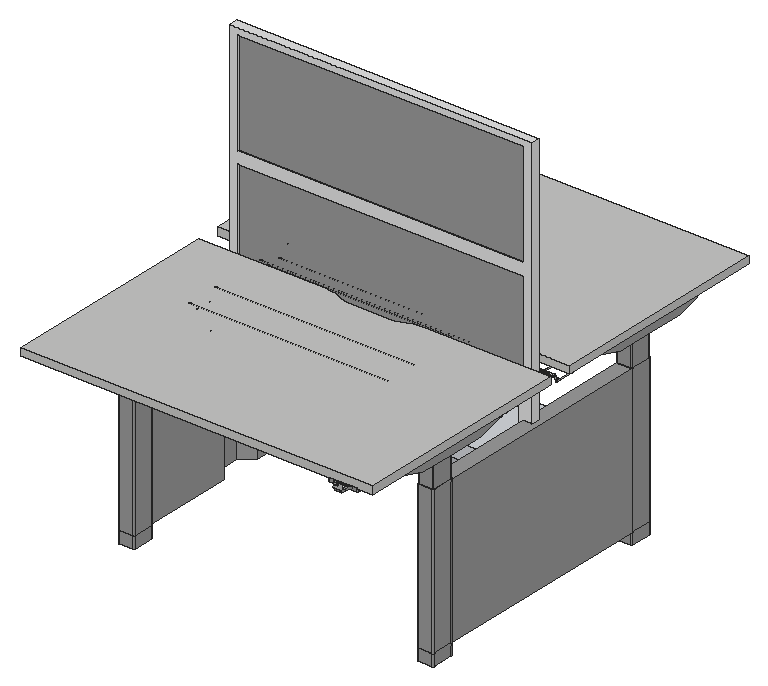
Revit family "Rise Squared Rectangular Desk", category Furniture, Revit 2020
Family settings
  OmniClass Number = 23.40.20.00
  OmniClass Title = General Furniture and Specialties
  Work Plane-Based = No
  Always vertical = Yes
  Cut with Voids When Loaded = No
  Shared = No
  Room Calculation Point = No
Parameters (values of type "1200 x 800")
  Width = 1200 mm
  URL = "www.gof.co.uk"
  Type Comments = ""
  Range = "RISE SQUARED"
  Product Code = "HBS1216"
  Part Glazed Screen [instance] = no
  HeightControl B [instance] = if(Height B < 630 mm, 630 mm, (if(Height B > 1280 mm, 1280 mm, Height B)))  # 727 mm
  HeightControl A [instance] = if(Height A < 630 mm, 630 mm, (if(Height A > 1280 mm, 1280 mm, Height A)))  # 727 mm
  Height B [instance] = 727 mm
  Height A [instance] = 727 mm
  Fabric Screen [instance] = yes
  Endframe Infill Panel Visible [instance] = yes
  Endframe Infill Panel = ""
  Desktop = Gresham - CONCRETE(1)
  Model = ""
  Manufacturer = "Gresham Office Furniture"  # constant formula
  Frame = GRESHAM - TEXTURED PLASTIC
  Foot = Gresham - BLACK PLASTIC
  Default Elevation = 0 mm
  Cable Tray Visible [instance] = yes
  Cable Tray = ""
  Assembly Code = "E2020200"
Reference planes
  plane 1 "Center (Front/Back)": y = 0
  plane 2: z = 0
  plane 3 "Center (Left/Right)": x = 0
  plane 4: x = -600
  plane 5: x = 600
  plane 6 "Desktop Underside A": z = 702
  plane 7: y = 380
  plane 8: y = -380
  plane 9 "Foot": z = 15
  plane 10 "Desktop A": z = 727
  plane 11: x = 295.86
  plane 12: x = -295.86
  plane 13 "Controls": x = 550
  plane 14: y = 460
  plane 15: y = 1220
  plane 16: x = -550
  plane 17 "Desktop B": z = 727
  plane 18 "Desktop Underside B": z = 702
Forms (mm)
  Extrusion 1, solid, material "GRESHAM - TEXTURED PLASTIC" <- "Frame"
    sketch origin (-20.86, 1142, 0) x (0, -1, 0) y (0, 0, -1)
      loop
        line (344.5, -657) -> (310, -657)
        arc (310, -657) -> (307.879, -657.879) -> (307, -660) r 3
        line (307, -660) -> (307, -667) -> (309, -667) -> (309, -660)
        arc (309, -660) -> (309.293, -659.293) -> (310, -659) r 1
        line (310, -659) -> (344.5, -659)
        arc (344.5, -659) -> (345.207, -659.293) -> (345.5, -660) r 1
        line (345.5, -660) -> (345.5, -699)
        arc (345.5, -699) -> (345.207, -699.707) -> (344.5, -700) r 1
        line (344.5, -700) -> (307, -700) -> (307, -702) -> (344.5, -702)
        arc (344.5, -702) -> (346.621, -701.121) -> (347.5, -699) r 3
        line (347.5, -699) -> (347.5, -660)
        arc (347.5, -660) -> (346.621, -657.879) -> (344.5, -657) r 3
    from -275 to 316.72
  Extrusion 2, solid, material "Gresham - CONCRETE(1)" <- "Desktop"
    sketch origin (0, 0, 975) x (-1, 0, 0) y (0, -1, 0)
      loop
        arc (-116.673, -367.5) -> (-90.732, -358.167) -> (-63.346, -355) r 120
        line (-63.346, -355) -> (63.346, -355)
        arc (63.346, -355) -> (90.732, -358.167) -> (116.673, -367.5) r 120
        arc (116.673, -367.5) -> (142.614, -376.833) -> (170, -380) r 120
        line (170, -380) -> (600, -380) -> (600, 380) -> (-600, 380) -> (-600, -380) -> (-170, -380)
        arc (-170, -380) -> (-142.614, -376.833) -> (-116.673, -367.5) r 120
    from -273 to -248
  Extrusion 3, solid, material "Gresham - CONCRETE(1)" <- "Desktop"
    sketch origin (0, 840, 702) x (1, 0, 0) y (0, 1, 0)
      loop
        arc (-116.673, -367.5) -> (-90.732, -358.167) -> (-63.346, -355) r 120
        line (-63.346, -355) -> (63.346, -355)
        arc (63.346, -355) -> (90.732, -358.167) -> (116.673, -367.5) r 120
        arc (116.673, -367.5) -> (142.614, -376.833) -> (170, -380) r 120
        line (170, -380) -> (600, -380) -> (600, 380) -> (-600, 380) -> (-600, -380) -> (-170, -380)
        arc (-170, -380) -> (-142.614, -376.833) -> (-116.673, -367.5) r 120
    from 0 to 25
  Extrusion 4, solid, material "GRESHAM - TEXTURED PLASTIC" <- "Frame"
    sketch origin (4.502, 0, -37.004) x (1, 0, 0) y (0, 0, 1)
      loop
        line (-494.514, 532.004) -> (-534.514, 532.004) -> (-534.514, 452.004) -> (-494.514, 452.004) -> (-494.514, 532.004)
    from -802 to -38
  Extrusion 5, solid, material "GRESHAM - TEXTURED PLASTIC" <- "Frame"
    sketch origin (-4.502, 0, -37.004) x (-1, 0, 0) y (0, 0, -1)
      loop
        line (-494.514, -532.004) -> (-494.514, -452.004) -> (-534.514, -452.004) -> (-534.514, -532.004) -> (-494.514, -532.004)
    from -802 to -38
  Extrusion 6, solid
    sketch origin (0, 0, 0) x (0, 1, 0) y (0, 0, 1)
      loop
        line (5, 702) -> (5, 700) -> (42.5, 700)
        arc (42.5, 700) -> (43.207, 699.707) -> (43.5, 699) r 1
        line (43.5, 699) -> (43.5, 660)
        arc (43.5, 660) -> (43.207, 659.293) -> (42.5, 659) r 1
        line (42.5, 659) -> (8, 659)
        arc (8, 659) -> (7.293, 659.293) -> (7, 660) r 1
        line (7, 660) -> (7, 667) -> (5, 667) -> (5, 660)
        arc (5, 660) -> (5.879, 657.879) -> (8, 657) r 3
        line (8, 657) -> (42.5, 657)
        arc (42.5, 657) -> (44.621, 657.879) -> (45.5, 660) r 3
        line (45.5, 660) -> (45.5, 699)
        arc (45.5, 699) -> (44.621, 701.121) -> (42.5, 702) r 3
        line (42.5, 702) -> (5, 702)
    from -295.86 to 295.86
Dimensions and locks
  equal spacing: plane 4, plane 3 "Center (Left/Right)", plane 5
  "Width": plane 4 to plane 5
  locked: plane 2 to plane 9 "Foot" at 15
  locked: plane 11 to plane 5 at 304.14
  locked: plane 4 to plane 12 at 304.14
  locked: plane 13 "Controls" to plane 5 at 50
  locked: plane 4 to nested 2 at 100
  locked: nested 2 to plane 5 at 100
  locked: plane 7 to nested 2 at 53.5
  locked: nested 3 to plane 5 at 32.489
  locked: plane 5 to nested 3 at 32.489
  locked: plane 4 to nested 4 at 32.489
  locked: nested 4 to plane 4 at 32.489
  locked: plane 7 to plane 8 at 760
  equal spacing: plane 7, plane 1 "Center (Front/Back)", plane 8
  plane 8 to plane 15 = 1600 mm
  locked: Extrusion 1 sketch curve to Extrusion 1 sketch curve at 41
  locked: nested 5 to plane 5 at 32.489
  locked: plane 5 to nested 5 at 32.489
  locked: plane 4 to nested 6 at 32.489
  locked: nested 6 to plane 4 at 32.489
  locked: plane 4 to plane 16 at 50
  Extrusion 2 sketch curve to Extrusion 2 sketch curve = 430 mm  (x2)
  locked: Extrusion 2 sketch curve to nested 2 at 25
  Extrusion 2 to nested 2 = 63.346 mm
  nested 2 to Extrusion 2 = 63.346 mm
  Extrusion 3 sketch curve to Extrusion 3 sketch curve = 430 mm  (x2)
  plane 3 "Center (Left/Right)" to Extrusion 3 = 63.346 mm
  Extrusion 3 to plane 3 "Center (Left/Right)" = 63.346 mm
  locked: Extrusion 3 sketch curve to plane 14 at 25
  locked: plane 4 to Extrusion 4 at 69.989
  locked: Extrusion 5 to plane 5 at 69.989
  locked: plane 4 to nested 8 at 100
  locked: plane 14 to nested 8 at 53.5
  locked: nested 8 to plane 5 at 100
  locked: level to Extrusion 4 at 415
  locked: level to Extrusion 5 at 415
  locked: nested 10 to plane 5 at 62.076
  locked: plane 4 to nested 11 at 62.076
  "HeightControl A": plane 10 "Desktop A" to plane 2
  "HeightControl B": plane 17 "Desktop B" to level
  locked: plane 17 "Desktop B" to plane 18 "Desktop Underside B" at 25
  locked: plane 10 "Desktop A" to plane 6 "Desktop Underside A" at 25
  locked: Extrusion 6 sketch curve to Extrusion 6 sketch curve at 41
  aligned and locked: level to plane 2
  aligned and locked: nested 1 to plane 13 "Controls"
  aligned and locked: nested 1 to plane 8
  aligned and locked: plane 12 to Extrusion 1
  aligned and locked: plane 11 to Extrusion 1
  aligned and locked: nested 7 to plane 16
  aligned and locked: plane 6 "Desktop Underside A" to nested 7
  aligned and locked: Extrusion 2 to plane 4
  aligned and locked: Extrusion 2 to plane 5
  aligned and locked: plane 10 "Desktop A" to Extrusion 3
  aligned and locked: Extrusion 3 to plane 6 "Desktop Underside A"
  aligned and locked: Extrusion 4 to nested 4
  aligned and locked: Extrusion 4 to nested 6
  aligned and locked: nested 8 to plane 6 "Desktop Underside A"
  aligned and locked: nested 2 to Extrusion 2
  aligned and locked: plane 18 "Desktop Underside B" to nested 1
  aligned and locked: Extrusion 2 to plane 17 "Desktop B"
  aligned and locked: Extrusion 2 to plane 18 "Desktop Underside B"
  aligned and locked: plane 11 to Extrusion 6
  aligned and locked: plane 12 to Extrusion 6
Automatic sketch dimensions
  Extrusion 1 sketch curve to Extrusion 1 sketch curve = 0 mm  (x7)
  Extrusion 1 sketch curve to plane 6 "Desktop Underside A" = 0 mm
  Extrusion 1 sketch curve to plane 6 "Desktop Underside A" = 35 mm
  Extrusion 1 sketch curve to plane 14 = 375 mm
  Extrusion 1 sketch curve to plane 6 "Desktop Underside A" = 2 mm
  Extrusion 1 sketch curve to Extrusion 1 sketch curve = 1 mm  (x2)
  Extrusion 1 sketch curve to Extrusion 1 sketch curve = 37.5 mm
  Extrusion 1 sketch curve to Extrusion 1 sketch curve = 34.5 mm
  Extrusion 2 sketch curve to plane 5 = 0 mm
  Extrusion 2 sketch curve to plane 7 = 0 mm  (x2)
  Extrusion 2 sketch curve to plane 4 = 0 mm
  Extrusion 2 sketch curve to plane 8 = 0 mm
  Extrusion 2 sketch curve to plane 14 = 15 mm  (x2)
  Extrusion 2 sketch curve to Extrusion 2 sketch curve = 106.654 mm  (x2)
  Extrusion 2 sketch curve to plane 7 = 120 mm  (x2)
  Extrusion 3 sketch curve to plane 4 = 0 mm
  plane 14 to Extrusion 3 sketch curve = 0 mm  (x2)
  Extrusion 3 sketch curve to plane 5 = 0 mm
  plane 15 to Extrusion 3 sketch curve = 0 mm
  Extrusion 3 sketch curve to plane 7 = 15 mm  (x2)
  Extrusion 3 sketch curve to Extrusion 3 sketch curve = 106.654 mm  (x2)
  Extrusion 3 sketch curve to Extrusion 3 sketch curve = 120 mm  (x2)
  plane 16 to Extrusion 4 sketch curve = 19.989 mm
  Extrusion 4 sketch curve to Extrusion 4 sketch curve = 40 mm
  Extrusion 4 sketch curve to plane 6 "Desktop Underside A" = 287 mm
  Extrusion 4 sketch curve to Extrusion 4 sketch curve = 80 mm
  Extrusion 5 sketch curve to plane 13 "Controls" = 19.989 mm
  Extrusion 5 sketch curve to Extrusion 5 sketch curve = 40 mm
  plane 6 "Desktop Underside A" to Extrusion 5 sketch curve = 287 mm
  Extrusion 5 sketch curve to Extrusion 5 sketch curve = 80 mm
  Extrusion 6 sketch curve to Extrusion 6 sketch curve = 0 mm  (x5)
  Extrusion 6 sketch curve to plane 18 "Desktop Underside B" = 0 mm
  Extrusion 6 sketch curve to plane 1 "Center (Front/Back)" = 5 mm  (x2)
  Extrusion 6 sketch curve to Extrusion 6 sketch curve = 2 mm  (x2)
  Extrusion 6 sketch curve to Extrusion 6 sketch curve = 1 mm  (x2)
  Extrusion 6 sketch curve to Extrusion 6 sketch curve = 34.5 mm
  Extrusion 6 sketch curve to Extrusion 6 sketch curve = 37.5 mm
  Extrusion 6 sketch curve to Extrusion 6 sketch curve = 7 mm
Nested families
  nested 1: "Controls" at (500, -347.5, 690), type "Controls"
  nested 2: "Cable Tray" at (0, -20, 0), type "Cable Tray"
    with HeightControl 727 mm, Height 727 mm, Width 1200 mm
  nested 3: "Rise Squared Leg" at (-295, -202, 0), Height <- "HeightControl B", type "Rise Squared Leg"
    with HeightControl 727 mm, Height 727 mm
  nested 4: "Rise Squared Leg" at (295, -202, 0) x (-1, 0, 0) z (0, 0, 1), Height <- "HeightControl B", type "Rise Squared Leg"
    with HeightControl 727 mm, Height 727 mm
  nested 5: "Rise Squared Leg" at (-295, 1042, 0), Height <- "HeightControl A", type "Rise Squared Leg"
    with HeightControl 727 mm, Height 727 mm
  nested 6: "Rise Squared Leg" at (295, 1042, 0) x (-1, 0, 0) z (0, 0, 1), Height <- "HeightControl A", type "Rise Squared Leg"
    with HeightControl 727 mm, Height 727 mm
  nested 7: "Controls" at (-500, 1187.5, 690) x (-1, 0, 0) z (0, 0, 1), type "Controls"
  nested 8: "Cable Tray" at (0, 860, 0), type "Cable Tray"
    with HeightControl 727 mm, Height 727 mm, Width 1200 mm
  nested 9: "Cable Trough" at (0, 0, -2), type "1800 x 800"
    with Width 1200 mm
  nested 10: "Endframe Infill Panel" at (-300, 0, 0), Endframe Infill Panel Visible <- "Endframe Infill Panel Visible", type "Endframe Infill Panel"
    with Endframe Infill Panel Visible yes
  nested 11: "Endframe Infill Panel" at (300, 0, 0) x (-1, 0, 0) z (0, 0, 1), Endframe Infill Panel Visible <- "Endframe Infill Panel Visible", type "Endframe Infill Panel"
    with Endframe Infill Panel Visible yes
  nested 12: "Fabric Screen" at (0, 0, 0), visible <- "Fabric Screen", type "Fabric Screen"
    with Width 1200 mm
  nested 13: "Part Glazed Screen" at (0, 0, 0), visible <- "Part Glazed Screen", type "Part Glazed Screen"
    with Width 1200 mm
Definition of nested family "Controls"
  Parameters (values of type "Controls")
    URL = "www.gof.co.uk"
    Rubber Keys = none
    Range = "RANGE LT"
    Product Code = "Controls"
    Plastic Case = none
    Manufacturer = "Gresham Office Furniture"  # constant formula
    Default Elevation = 0 mm
  Reference planes
    plane 1 "Center (Front/Back)": y = 0
    plane 2: z = 0
    plane 3 "Center (Left/Right)": x = 0
  Forms (mm)
    Extrusion 1, solid, material <- "Plastic Case"
      sketch origin (0, 0, 0) x (1, 0, 0) y (0, 1, 0)
        loop
          arc (-45, 32.5) -> (-48.536, 31.036) -> (-50, 27.5) r 5
          line (-50, 27.5) -> (-50, -27.5)
          arc (-50, -27.5) -> (-48.536, -31.036) -> (-45, -32.5) r 5
          line (-45, -32.5) -> (45, -32.5)
          arc (45, -32.5) -> (48.536, -31.036) -> (50, -27.5) r 5
          line (50, -27.5) -> (50, 27.5)
          arc (50, 27.5) -> (48.536, 31.036) -> (45, 32.5) r 5
          line (45, 32.5) -> (-45, 32.5)
      from 0 to 12
    Sweep 2, solid, material <- "Plastic Case"
      path origin (0, 0, 2) x (0, 1, 0) y (0, 0, 1)
        loop
          line (-32.5, 6) -> (-36.392, 6)
          arc (-36.392, 6) -> (-37.474, 5.881) -> (-38.505, 5.532) r 5
          line (-38.505, 5.532) -> (-55.626, -2.452)
      profile origin (0, -34.446, 8) x (0, 0, -1) y (1, 0, 0)
        loop
          line (-4, 30) -> (-4, -30) -> (4, -30) -> (4, 30) -> (-4, 30)
    Extrusion 3, void
      sketch origin (-30, -40.195, 11.157) x (0, -0.906308, -0.422618) y (1, 0, 0)
        loop
          line (18.892, 75) -> (-7.33, 75) -> (-7.33, 60) -> (10.178, 50.091)
          arc (10.178, 50.091) -> (14.833, 46.912) -> (18.892, 43) r 33.579
          line (18.892, 43) -> (18.892, 75)
      from -13.674 to 7.77
    Extrusion 4, void
      sketch origin (30, -40.195, 11.157) x (0, -0.906308, -0.422618) y (1, 0, 0)
        loop
          line (18.892, -75) -> (18.892, -43)
          arc (18.892, -43) -> (14.833, -46.912) -> (10.178, -50.091) r 33.579
          line (10.178, -50.091) -> (-7.33, -60) -> (-7.33, -75) -> (18.892, -75)
      from -13.674 to 7.77
    Extrusion 5, solid, material <- "Rubber Keys"
      sketch origin (-30, -40.195, 11.157) x (0, -0.906308, -0.422618) y (1, 0, 0)
        loop
          line (0.281, 19.363) -> (8.531, 14.6) -> (8.531, 24.126) -> (0.281, 19.363)
        loop
          line (0.656, 35.874) -> (8.906, 40.637) -> (0.656, 45.4) -> (0.656, 35.874)
      from 0 to 1.5
  Cuts and joins
    Extrusion 3, Extrusion 4 cuts Sweep 2
  Dimensions and locks
    aligned and locked: level to plane 2
Definition of nested family "Cable Tray"
  Parameters (values of type "Cable Tray")
    Width = 1800 mm
    URL = "www.gof.co.uk"
    Type Comments = ""
    Range = "RISE LT"
    Product Code = ""
    Modesty Panel = none
    HeightControl [instance] = if(Height < 720 mm, 720 mm, (if(Height > 1200 mm, 1200 mm, Height)))  # 727 mm
    Height [instance] = 727 mm
    Desktop = none
    Model = ""
    Manufacturer = "Gresham Office Furniture"  # constant formula
    Frame = none
    Foot = none
    Default Elevation = 0 mm
    Cable Tray Clips = none
    Cable Tray = yes
    Assembly Code = "E2020200"
  Reference planes
    plane 1 "Center (Front/Back)": y = 0
    plane 2: z = 0
    plane 3 "Center (Left/Right)": x = 0
    plane 4: x = -900
    plane 5: x = 900
    plane 6 "Desktop Underside": z = 702
    plane 7: y = 400
    plane 8: y = -400
    plane 9 "Foot": z = 15
    plane 10: z = 727
    plane 11 "Cable Tray Left": x = -800
    plane 12 "Cable Tray Right": x = 800
  Forms (mm)
    Extrusion 1, solid, material <- "Frame", visible <- "Cable Tray"
      sketch origin (0, 12.089, -4.885) x (0, 1, 0) y (0, 0, 1)
        loop
          circle (301.911, 615.385) r 1.5
        loop
          circle (251.911, 615.385) r 1.5
        loop
          circle (220.911, 645.385) r 1.5
        loop
          circle (332.911, 645.385) r 1.5
      from -800 to 800
    Sweep 2, solid, material <- "Frame", visible <- "Cable Tray"
      path in 3D
        loop
          line (0, 341.76, 640.5) -> (0, 333.661, 615.573)
          arc (0, 333.661, 615.573) -> (0, 332.571, 614.073) -> (0, 330.808, 613.5) r 3
          line (0, 330.808, 613.5) -> (0, 247.192, 613.5)
          arc (0, 247.192, 613.5) -> (0, 245.429, 614.073) -> (0, 244.339, 615.573) r 3
          line (0, 244.339, 615.573) -> (0, 236.24, 640.5)
      profile origin (0, 289, 613.5) x (0, 0, 1) y (-1, 0, 0)
        loop
          circle (0, 0) r 1.5
    Sweep 3, solid, material <- "Frame", visible <- "Cable Tray", not visible
      path in 3D
        loop
          line (0, 329.671, 645.385) -> (0, 321.572, 620.458)
          arc (0, 321.572, 620.458) -> (0, 320.482, 618.958) -> (0, 318.719, 618.385) r 3
          line (0, 318.719, 618.385) -> (0, 235.103, 618.385)
          arc (0, 235.103, 618.385) -> (0, 233.34, 618.958) -> (0, 232.25, 620.458) r 3
          line (0, 232.25, 620.458) -> (0, 224.151, 645.385)
      profile origin (0, 276.911, 618.385) x (0, 0, 1) y (-1, 0, 0)
        loop
          circle (0, 0) r 1.5
    Sweep 4, solid, material <- "Frame", visible <- "Cable Tray"
      path in 3D
        loop
          line (800, 342.073, 640.5) -> (800, 333.974, 615.573)
          arc (800, 333.974, 615.573) -> (800, 332.884, 614.073) -> (800, 331.121, 613.5) r 3
          line (800, 331.121, 613.5) -> (800, 247.505, 613.5)
          arc (800, 247.505, 613.5) -> (800, 245.742, 614.073) -> (800, 244.652, 615.573) r 3
          line (800, 244.652, 615.573) -> (800, 236.553, 640.5)
      profile origin (800, 289.313, 613.5) x (0, 0, 1) y (-1, 0, 0)
        loop
          circle (0, 0) r 1.5
    Sweep 5, solid, material <- "Frame", visible <- "Cable Tray"
      path in 3D
        loop
          line (-800, 342.073, 640.5) -> (-800, 333.974, 615.573)
          arc (-800, 333.974, 615.573) -> (-800, 332.884, 614.073) -> (-800, 331.121, 613.5) r 3
          line (-800, 331.121, 613.5) -> (-800, 247.505, 613.5)
          arc (-800, 247.505, 613.5) -> (-800, 245.742, 614.073) -> (-800, 244.652, 615.573) r 3
          line (-800, 244.652, 615.573) -> (-800, 236.553, 640.5)
      profile origin (-800, 289.313, 613.5) x (0, 0, 1) y (-1, 0, 0)
        loop
          circle (0, 0) r 1.5
    Sweep 6, solid, material <- "Frame", visible <- "Cable Tray"
      path in 3D
        loop
          line (100, 341.76, 640.5) -> (100, 333.661, 615.573)
          arc (100, 333.661, 615.573) -> (100, 332.571, 614.073) -> (100, 330.808, 613.5) r 3
          line (100, 330.808, 613.5) -> (100, 247.192, 613.5)
          arc (100, 247.192, 613.5) -> (100, 245.429, 614.073) -> (100, 244.339, 615.573) r 3
          line (100, 244.339, 615.573) -> (100, 236.24, 640.5)
      profile origin (100, 289, 613.5) x (0, 0, 1) y (-1, 0, 0)
        loop
          circle (0, 0) r 1.5
    Sweep 7, solid, material <- "Frame", visible <- "Cable Tray"
      path in 3D
        loop
          line (300, 341.76, 640.5) -> (300, 333.661, 615.573)
          arc (300, 333.661, 615.573) -> (300, 332.571, 614.073) -> (300, 330.808, 613.5) r 3
          line (300, 330.808, 613.5) -> (300, 247.192, 613.5)
          arc (300, 247.192, 613.5) -> (300, 245.429, 614.073) -> (300, 244.339, 615.573) r 3
          line (300, 244.339, 615.573) -> (300, 236.24, 640.5)
      profile origin (300, 289, 613.5) x (0, 0, 1) y (-1, 0, 0)
        loop
          circle (0, 0) r 1.5
    Sweep 8, solid, material <- "Frame", visible <- "Cable Tray"
      path in 3D
        loop
          line (400, 341.76, 640.5) -> (400, 333.661, 615.573)
          arc (400, 333.661, 615.573) -> (400, 332.571, 614.073) -> (400, 330.808, 613.5) r 3
          line (400, 330.808, 613.5) -> (400, 247.192, 613.5)
          arc (400, 247.192, 613.5) -> (400, 245.429, 614.073) -> (400, 244.339, 615.573) r 3
          line (400, 244.339, 615.573) -> (400, 236.24, 640.5)
      profile origin (400, 289, 613.5) x (0, 0, 1) y (-1, 0, 0)
        loop
          circle (0, 0) r 1.5
    Sweep 9, solid, material <- "Frame", visible <- "Cable Tray"
      path in 3D
        loop
          line (500, 341.76, 640.5) -> (500, 333.661, 615.573)
          arc (500, 333.661, 615.573) -> (500, 332.571, 614.073) -> (500, 330.808, 613.5) r 3
          line (500, 330.808, 613.5) -> (500, 247.192, 613.5)
          arc (500, 247.192, 613.5) -> (500, 245.429, 614.073) -> (500, 244.339, 615.573) r 3
          line (500, 244.339, 615.573) -> (500, 236.24, 640.5)
      profile origin (500, 289, 613.5) x (0, 0, 1) y (-1, 0, 0)
        loop
          circle (0, 0) r 1.5
    Sweep 10, solid, material <- "Frame", visible <- "Cable Tray"
      path in 3D
        loop
          line (600, 341.76, 640.5) -> (600, 333.661, 615.573)
          arc (600, 333.661, 615.573) -> (600, 332.571, 614.073) -> (600, 330.808, 613.5) r 3
          line (600, 330.808, 613.5) -> (600, 247.192, 613.5)
          arc (600, 247.192, 613.5) -> (600, 245.429, 614.073) -> (600, 244.339, 615.573) r 3
          line (600, 244.339, 615.573) -> (600, 236.24, 640.5)
      profile origin (600, 289, 613.5) x (0, 0, 1) y (-1, 0, 0)
        loop
          circle (0, 0) r 1.5
    Sweep 11, solid, material <- "Frame", visible <- "Cable Tray"
      path in 3D
        loop
          line (700, 341.76, 640.5) -> (700, 333.661, 615.573)
          arc (700, 333.661, 615.573) -> (700, 332.571, 614.073) -> (700, 330.808, 613.5) r 3
          line (700, 330.808, 613.5) -> (700, 247.192, 613.5)
          arc (700, 247.192, 613.5) -> (700, 245.429, 614.073) -> (700, 244.339, 615.573) r 3
          line (700, 244.339, 615.573) -> (700, 236.24, 640.5)
      profile origin (700, 289, 613.5) x (0, 0, 1) y (-1, 0, 0)
        loop
          circle (0, 0) r 1.5
    Sweep 12, solid, material <- "Frame", visible <- "Cable Tray"
      path in 3D
        loop
          line (200, 341.76, 640.5) -> (200, 333.661, 615.573)
          arc (200, 333.661, 615.573) -> (200, 332.571, 614.073) -> (200, 330.808, 613.5) r 3
          line (200, 330.808, 613.5) -> (200, 247.192, 613.5)
          arc (200, 247.192, 613.5) -> (200, 245.429, 614.073) -> (200, 244.339, 615.573) r 3
          line (200, 244.339, 615.573) -> (200, 236.24, 640.5)
      profile origin (200, 289, 613.5) x (0, 0, 1) y (-1, 0, 0)
        loop
          circle (0, 0) r 1.5
    Sweep 13, solid, material <- "Frame", visible <- "Cable Tray"
      path in 3D
        loop
          line (-100, 341.76, 640.5) -> (-100, 333.661, 615.573)
          arc (-100, 333.661, 615.573) -> (-100, 332.571, 614.073) -> (-100, 330.808, 613.5) r 3
          line (-100, 330.808, 613.5) -> (-100, 247.192, 613.5)
          arc (-100, 247.192, 613.5) -> (-100, 245.429, 614.073) -> (-100, 244.339, 615.573) r 3
          line (-100, 244.339, 615.573) -> (-100, 236.24, 640.5)
      profile origin (-100, 289, 613.5) x (0, 0, 1) y (-1, 0, 0)
        loop
          circle (0, 0) r 1.5
    Sweep 14, solid, material <- "Frame", visible <- "Cable Tray"
      path in 3D
        loop
          line (-300, 341.76, 640.5) -> (-300, 333.661, 615.573)
          arc (-300, 333.661, 615.573) -> (-300, 332.571, 614.073) -> (-300, 330.808, 613.5) r 3
          line (-300, 330.808, 613.5) -> (-300, 247.192, 613.5)
          arc (-300, 247.192, 613.5) -> (-300, 245.429, 614.073) -> (-300, 244.339, 615.573) r 3
          line (-300, 244.339, 615.573) -> (-300, 236.24, 640.5)
      profile origin (-300, 289, 613.5) x (0, 0, 1) y (-1, 0, 0)
        loop
          circle (0, 0) r 1.5
    Sweep 15, solid, material <- "Frame", visible <- "Cable Tray"
      path in 3D
        loop
          line (-400, 341.76, 640.5) -> (-400, 333.661, 615.573)
          arc (-400, 333.661, 615.573) -> (-400, 332.571, 614.073) -> (-400, 330.808, 613.5) r 3
          line (-400, 330.808, 613.5) -> (-400, 247.192, 613.5)
          arc (-400, 247.192, 613.5) -> (-400, 245.429, 614.073) -> (-400, 244.339, 615.573) r 3
          line (-400, 244.339, 615.573) -> (-400, 236.24, 640.5)
      profile origin (-400, 289, 613.5) x (0, 0, 1) y (-1, 0, 0)
        loop
          circle (0, 0) r 1.5
    Sweep 16, solid, material <- "Frame", visible <- "Cable Tray"
      path in 3D
        loop
          line (-500, 341.76, 640.5) -> (-500, 333.661, 615.573)
          arc (-500, 333.661, 615.573) -> (-500, 332.571, 614.073) -> (-500, 330.808, 613.5) r 3
          line (-500, 330.808, 613.5) -> (-500, 247.192, 613.5)
          arc (-500, 247.192, 613.5) -> (-500, 245.429, 614.073) -> (-500, 244.339, 615.573) r 3
          line (-500, 244.339, 615.573) -> (-500, 236.24, 640.5)
      profile origin (-500, 289, 613.5) x (0, 0, 1) y (-1, 0, 0)
        loop
          circle (0, 0) r 1.5
    Sweep 17, solid, material <- "Frame", visible <- "Cable Tray"
      path in 3D
        loop
          line (-600, 341.76, 640.5) -> (-600, 333.661, 615.573)
          arc (-600, 333.661, 615.573) -> (-600, 332.571, 614.073) -> (-600, 330.808, 613.5) r 3
          line (-600, 330.808, 613.5) -> (-600, 247.192, 613.5)
          arc (-600, 247.192, 613.5) -> (-600, 245.429, 614.073) -> (-600, 244.339, 615.573) r 3
          line (-600, 244.339, 615.573) -> (-600, 236.24, 640.5)
      profile origin (-600, 289, 613.5) x (0, 0, 1) y (-1, 0, 0)
        loop
          circle (0, 0) r 1.5
    Sweep 18, solid, material <- "Frame", visible <- "Cable Tray"
      path in 3D
        loop
          line (-700, 341.76, 640.5) -> (-700, 333.661, 615.573)
          arc (-700, 333.661, 615.573) -> (-700, 332.571, 614.073) -> (-700, 330.808, 613.5) r 3
          line (-700, 330.808, 613.5) -> (-700, 247.192, 613.5)
          arc (-700, 247.192, 613.5) -> (-700, 245.429, 614.073) -> (-700, 244.339, 615.573) r 3
          line (-700, 244.339, 615.573) -> (-700, 236.24, 640.5)
      profile origin (-700, 289, 613.5) x (0, 0, 1) y (-1, 0, 0)
        loop
          circle (0, 0) r 1.5
    Sweep 19, solid, material <- "Frame", visible <- "Cable Tray"
      path in 3D
        loop
          line (-200, 341.76, 640.5) -> (-200, 333.661, 615.573)
          arc (-200, 333.661, 615.573) -> (-200, 332.571, 614.073) -> (-200, 330.808, 613.5) r 3
          line (-200, 330.808, 613.5) -> (-200, 247.192, 613.5)
          arc (-200, 247.192, 613.5) -> (-200, 245.429, 614.073) -> (-200, 244.339, 615.573) r 3
          line (-200, 244.339, 615.573) -> (-200, 236.24, 640.5)
      profile origin (-200, 289, 613.5) x (0, 0, 1) y (-1, 0, 0)
        loop
          circle (0, 0) r 1.5
    Extrusion 20, solid, material <- "Cable Tray Clips", visible <- "Cable Tray"
      sketch origin (615, 0, 0) x (0, 1, 0) y (0, 0, 1)
        loop
          arc (346.5, 640.5) -> (345, 639) -> (343.5, 640.5) r 1.5
          line (343.5, 640.5) -> (343.5, 645.926) -> (340.5, 645.926) -> (340.5, 640.5)
          arc (340.5, 640.5) -> (345, 636) -> (349.5, 640.5) r 4.5
          line (349.5, 640.5) -> (349.5, 677.5)
          arc (349.5, 677.5) -> (348.692, 680.415) -> (346.5, 682.5) r 5.667
          arc (346.5, 682.5) -> (322.774, 690.464) -> (297.984, 693.899) r 134.615
          line (297.984, 693.899) -> (297.984, 697) -> (303.984, 697) -> (303.984, 702) -> (279.984, 702) -> (279.984, 697) -> (285.984, 697) -> (285.984, 693.899)
          arc (285.984, 693.899) -> (261.193, 690.464) -> (237.467, 682.5) r 134.615
          arc (237.467, 682.5) -> (235.275, 680.415) -> (234.435, 677.5) r 5.667
          line (234.435, 677.5) -> (234.435, 670.5)
          arc (234.435, 670.5) -> (232.935, 669) -> (231.435, 670.5) r 1.5
          line (231.435, 670.5) -> (231.435, 675.5) -> (228.435, 675.5) -> (228.435, 670.5)
          arc (228.435, 670.5) -> (230.365, 666.806) -> (234.5, 666.281) r 4.5
          line (234.5, 666.281) -> (234.5, 640.5)
          arc (234.5, 640.5) -> (233, 639) -> (231.5, 640.5) r 1.5
          line (231.5, 640.5) -> (231.5, 645.5) -> (228.5, 645.5) -> (228.5, 640.5)
          arc (228.5, 640.5) -> (233, 636) -> (237.5, 640.5) r 4.5
          line (237.5, 640.5) -> (237.5, 677.793)
          arc (237.5, 677.793) -> (237.882, 679.174) -> (238.92, 680.161) r 2.683
          arc (238.92, 680.161) -> (291.984, 691.033) -> (345.047, 680.161) r 134.926
          arc (345.047, 680.161) -> (346.085, 679.174) -> (346.467, 677.793) r 2.683
          line (346.467, 677.793) -> (346.467, 670.5)
          arc (346.467, 670.5) -> (344.951, 668.984) -> (343.435, 670.5) r 1.516
          line (343.435, 670.5) -> (343.435, 675.5) -> (340.435, 675.5) -> (340.435, 670.5)
          arc (340.435, 670.5) -> (342.365, 666.806) -> (346.5, 666.281) r 4.5
          line (346.5, 666.281) -> (346.5, 640.5)
      from 0 to 25
    Extrusion 21, solid, material <- "Cable Tray Clips", visible <- "Cable Tray"
      sketch origin (-615, 0, 0) x (0, 1, 0) y (0, 0, -1)
        loop
          line (346.5, -640.5) -> (346.5, -666.281)
          arc (346.5, -666.281) -> (342.365, -666.806) -> (340.435, -670.5) r 4.5
          line (340.435, -670.5) -> (340.435, -675.5) -> (343.435, -675.5) -> (343.435, -670.5)
          arc (343.435, -670.5) -> (344.951, -668.984) -> (346.467, -670.5) r 1.516
          line (346.467, -670.5) -> (346.467, -677.793)
          arc (346.467, -677.793) -> (346.085, -679.174) -> (345.047, -680.161) r 2.683
          arc (345.047, -680.161) -> (291.984, -691.033) -> (238.92, -680.161) r 134.926
          arc (238.92, -680.161) -> (237.882, -679.174) -> (237.5, -677.793) r 2.683
          line (237.5, -677.793) -> (237.5, -640.5)
          arc (237.5, -640.5) -> (233, -636) -> (228.5, -640.5) r 4.5
          line (228.5, -640.5) -> (228.5, -645.5) -> (231.5, -645.5) -> (231.5, -640.5)
          arc (231.5, -640.5) -> (233, -639) -> (234.5, -640.5) r 1.5
          line (234.5, -640.5) -> (234.5, -666.281)
          arc (234.5, -666.281) -> (230.365, -666.806) -> (228.435, -670.5) r 4.5
          line (228.435, -670.5) -> (228.435, -675.5) -> (231.435, -675.5) -> (231.435, -670.5)
          arc (231.435, -670.5) -> (232.935, -669) -> (234.435, -670.5) r 1.5
          line (234.435, -670.5) -> (234.435, -677.5)
          arc (234.435, -677.5) -> (235.275, -680.415) -> (237.467, -682.5) r 5.667
          arc (237.467, -682.5) -> (261.193, -690.464) -> (285.984, -693.899) r 134.615
          line (285.984, -693.899) -> (285.984, -697) -> (279.984, -697) -> (279.984, -702) -> (303.984, -702) -> (303.984, -697) -> (297.984, -697) -> (297.984, -693.899)
          arc (297.984, -693.899) -> (322.774, -690.464) -> (346.5, -682.5) r 134.615
          arc (346.5, -682.5) -> (348.692, -680.415) -> (349.5, -677.5) r 5.667
          line (349.5, -677.5) -> (349.5, -640.5)
          arc (349.5, -640.5) -> (345, -636) -> (340.5, -640.5) r 4.5
          line (340.5, -640.5) -> (340.5, -645.926) -> (343.5, -645.926) -> (343.5, -640.5)
          arc (343.5, -640.5) -> (345, -639) -> (346.5, -640.5) r 1.5
      from 0 to 25
  Lines and regions (mm)
    model lines, not visible
      curve 1: arc (0, 315.5, 610.5) -> (0, 314, 612) -> (0, 312.5, 610.5) r 1.5
      curve 2: arc (0, 265.5, 610.5) -> (0, 264, 612) -> (0, 262.5, 610.5) r 1.5
      curve 3: line (0, 330.808, 613.5) -> (0, 247.192, 613.5)
      curve 4: line (0, 244.339, 615.573) -> (0, 236.24, 640.5)
      curve 5: arc (0, 247.192, 613.5) -> (0, 245.429, 614.073) -> (0, 244.339, 615.573) r 3
      curve 6: line (0, 333.661, 615.573) -> (0, 341.76, 640.5)
      curve 7: arc (0, 330.808, 613.5) -> (0, 332.571, 614.073) -> (0, 333.661, 615.573) r 3
      curve 13: arc (0, 303.411, 615.385) -> (0, 301.911, 616.885) -> (0, 300.411, 615.385) r 1.5
      curve 14: arc (0, 253.411, 615.385) -> (0, 251.911, 616.885) -> (0, 250.411, 615.385) r 1.5
      curve 15: line (0, 318.719, 618.385) -> (0, 235.103, 618.385)
      curve 16: line (0, 232.25, 620.458) -> (0, 224.151, 645.385)
      curve 17: arc (0, 235.103, 618.385) -> (0, 233.34, 618.958) -> (0, 232.25, 620.458) r 3
      curve 18: line (0, 321.572, 620.458) -> (0, 329.671, 645.385)
      curve 19: arc (0, 318.719, 618.385) -> (0, 320.482, 618.958) -> (0, 321.572, 620.458) r 3
      curve 25: arc (800, 315.813, 610.5) -> (800, 314.313, 612) -> (800, 312.813, 610.5) r 1.5
      curve 26: arc (800, 265.813, 610.5) -> (800, 264.313, 612) -> (800, 262.813, 610.5) r 1.5
      curve 27: line (800, 331.121, 613.5) -> (800, 247.505, 613.5)
      curve 28: line (800, 244.652, 615.573) -> (800, 236.553, 640.5)
      curve 29: arc (800, 247.505, 613.5) -> (800, 245.742, 614.073) -> (800, 244.652, 615.573) r 3
      curve 30: line (800, 333.974, 615.573) -> (800, 342.073, 640.5)
      curve 31: arc (800, 331.121, 613.5) -> (800, 332.884, 614.073) -> (800, 333.974, 615.573) r 3
      curve 37: arc (-800, 315.813, 610.5) -> (-800, 314.313, 612) -> (-800, 312.813, 610.5) r 1.5
      curve 38: arc (-800, 265.813, 610.5) -> (-800, 264.313, 612) -> (-800, 262.813, 610.5) r 1.5
      curve 39: line (-800, 331.121, 613.5) -> (-800, 247.505, 613.5)
      curve 40: line (-800, 244.652, 615.573) -> (-800, 236.553, 640.5)
      curve 41: arc (-800, 247.505, 613.5) -> (-800, 245.742, 614.073) -> (-800, 244.652, 615.573) r 3
      curve 42: line (-800, 333.974, 615.573) -> (-800, 342.073, 640.5)
      curve 43: arc (-800, 331.121, 613.5) -> (-800, 332.884, 614.073) -> (-800, 333.974, 615.573) r 3
      curve 49: arc (100, 315.5, 610.5) -> (100, 314, 612) -> (100, 312.5, 610.5) r 1.5
      curve 50: arc (100, 265.5, 610.5) -> (100, 264, 612) -> (100, 262.5, 610.5) r 1.5
      curve 51: line (100, 330.808, 613.5) -> (100, 247.192, 613.5)
      curve 52: line (100, 244.339, 615.573) -> (100, 236.24, 640.5)
      curve 53: arc (100, 247.192, 613.5) -> (100, 245.429, 614.073) -> (100, 244.339, 615.573) r 3
      curve 54: line (100, 333.661, 615.573) -> (100, 341.76, 640.5)
      curve 55: arc (100, 330.808, 613.5) -> (100, 332.571, 614.073) -> (100, 333.661, 615.573) r 3
      curve 61: arc (300, 315.5, 610.5) -> (300, 314, 612) -> (300, 312.5, 610.5) r 1.5
      curve 62: arc (300, 265.5, 610.5) -> (300, 264, 612) -> (300, 262.5, 610.5) r 1.5
      curve 63: line (300, 330.808, 613.5) -> (300, 247.192, 613.5)
      curve 64: line (300, 244.339, 615.573) -> (300, 236.24, 640.5)
      curve 65: arc (300, 247.192, 613.5) -> (300, 245.429, 614.073) -> (300, 244.339, 615.573) r 3
      curve 66: line (300, 333.661, 615.573) -> (300, 341.76, 640.5)
      curve 67: arc (300, 330.808, 613.5) -> (300, 332.571, 614.073) -> (300, 333.661, 615.573) r 3
      curve 73: arc (400, 315.5, 610.5) -> (400, 314, 612) -> (400, 312.5, 610.5) r 1.5
      curve 74: arc (400, 265.5, 610.5) -> (400, 264, 612) -> (400, 262.5, 610.5) r 1.5
      curve 75: line (400, 330.808, 613.5) -> (400, 247.192, 613.5)
      curve 76: line (400, 244.339, 615.573) -> (400, 236.24, 640.5)
      curve 77: arc (400, 247.192, 613.5) -> (400, 245.429, 614.073) -> (400, 244.339, 615.573) r 3
      curve 78: line (400, 333.661, 615.573) -> (400, 341.76, 640.5)
      curve 79: arc (400, 330.808, 613.5) -> (400, 332.571, 614.073) -> (400, 333.661, 615.573) r 3
      curve 85: arc (500, 315.5, 610.5) -> (500, 314, 612) -> (500, 312.5, 610.5) r 1.5
      curve 86: arc (500, 265.5, 610.5) -> (500, 264, 612) -> (500, 262.5, 610.5) r 1.5
      curve 87: line (500, 330.808, 613.5) -> (500, 247.192, 613.5)
      curve 88: line (500, 244.339, 615.573) -> (500, 236.24, 640.5)
      curve 89: arc (500, 247.192, 613.5) -> (500, 245.429, 614.073) -> (500, 244.339, 615.573) r 3
      curve 90: line (500, 333.661, 615.573) -> (500, 341.76, 640.5)
      curve 91: arc (500, 330.808, 613.5) -> (500, 332.571, 614.073) -> (500, 333.661, 615.573) r 3
      curve 97: arc (600, 315.5, 610.5) -> (600, 314, 612) -> (600, 312.5, 610.5) r 1.5
      curve 98: arc (600, 265.5, 610.5) -> (600, 264, 612) -> (600, 262.5, 610.5) r 1.5
      curve 99: line (600, 330.808, 613.5) -> (600, 247.192, 613.5)
      curve 100: line (600, 244.339, 615.573) -> (600, 236.24, 640.5)
      curve 101: arc (600, 247.192, 613.5) -> (600, 245.429, 614.073) -> (600, 244.339, 615.573) r 3
      curve 102: line (600, 333.661, 615.573) -> (600, 341.76, 640.5)
      curve 103: arc (600, 330.808, 613.5) -> (600, 332.571, 614.073) -> (600, 333.661, 615.573) r 3
      curve 109: arc (700, 315.5, 610.5) -> (700, 314, 612) -> (700, 312.5, 610.5) r 1.5
      curve 110: arc (700, 265.5, 610.5) -> (700, 264, 612) -> (700, 262.5, 610.5) r 1.5
      curve 111: line (700, 330.808, 613.5) -> (700, 247.192, 613.5)
      curve 112: line (700, 244.339, 615.573) -> (700, 236.24, 640.5)
      curve 113: arc (700, 247.192, 613.5) -> (700, 245.429, 614.073) -> (700, 244.339, 615.573) r 3
      curve 114: line (700, 333.661, 615.573) -> (700, 341.76, 640.5)
      curve 115: arc (700, 330.808, 613.5) -> (700, 332.571, 614.073) -> (700, 333.661, 615.573) r 3
      curve 121: arc (200, 315.5, 610.5) -> (200, 314, 612) -> (200, 312.5, 610.5) r 1.5
      curve 122: arc (200, 265.5, 610.5) -> (200, 264, 612) -> (200, 262.5, 610.5) r 1.5
      curve 123: line (200, 330.808, 613.5) -> (200, 247.192, 613.5)
      curve 124: line (200, 244.339, 615.573) -> (200, 236.24, 640.5)
      curve 125: arc (200, 247.192, 613.5) -> (200, 245.429, 614.073) -> (200, 244.339, 615.573) r 3
      curve 126: line (200, 333.661, 615.573) -> (200, 341.76, 640.5)
      curve 127: arc (200, 330.808, 613.5) -> (200, 332.571, 614.073) -> (200, 333.661, 615.573) r 3
      curve 133: arc (-100, 315.5, 610.5) -> (-100, 314, 612) -> (-100, 312.5, 610.5) r 1.5
      curve 134: arc (-100, 265.5, 610.5) -> (-100, 264, 612) -> (-100, 262.5, 610.5) r 1.5
      curve 135: line (-100, 330.808, 613.5) -> (-100, 247.192, 613.5)
      curve 136: line (-100, 244.339, 615.573) -> (-100, 236.24, 640.5)
      curve 137: arc (-100, 247.192, 613.5) -> (-100, 245.429, 614.073) -> (-100, 244.339, 615.573) r 3
      curve 138: line (-100, 333.661, 615.573) -> (-100, 341.76, 640.5)
      curve 139: arc (-100, 330.808, 613.5) -> (-100, 332.571, 614.073) -> (-100, 333.661, 615.573) r 3
      curve 145: arc (-300, 315.5, 610.5) -> (-300, 314, 612) -> (-300, 312.5, 610.5) r 1.5
      curve 146: arc (-300, 265.5, 610.5) -> (-300, 264, 612) -> (-300, 262.5, 610.5) r 1.5
      curve 147: line (-300, 330.808, 613.5) -> (-300, 247.192, 613.5)
      curve 148: line (-300, 244.339, 615.573) -> (-300, 236.24, 640.5)
      curve 149: arc (-300, 247.192, 613.5) -> (-300, 245.429, 614.073) -> (-300, 244.339, 615.573) r 3
      curve 150: line (-300, 333.661, 615.573) -> (-300, 341.76, 640.5)
      curve 151: arc (-300, 330.808, 613.5) -> (-300, 332.571, 614.073) -> (-300, 333.661, 615.573) r 3
      curve 157: arc (-400, 315.5, 610.5) -> (-400, 314, 612) -> (-400, 312.5, 610.5) r 1.5
      curve 158: arc (-400, 265.5, 610.5) -> (-400, 264, 612) -> (-400, 262.5, 610.5) r 1.5
      curve 159: line (-400, 330.808, 613.5) -> (-400, 247.192, 613.5)
      curve 160: line (-400, 244.339, 615.573) -> (-400, 236.24, 640.5)
      curve 161: arc (-400, 247.192, 613.5) -> (-400, 245.429, 614.073) -> (-400, 244.339, 615.573) r 3
      curve 162: line (-400, 333.661, 615.573) -> (-400, 341.76, 640.5)
      curve 163: arc (-400, 330.808, 613.5) -> (-400, 332.571, 614.073) -> (-400, 333.661, 615.573) r 3
      curve 169: arc (-500, 315.5, 610.5) -> (-500, 314, 612) -> (-500, 312.5, 610.5) r 1.5
      curve 170: arc (-500, 265.5, 610.5) -> (-500, 264, 612) -> (-500, 262.5, 610.5) r 1.5
      curve 171: line (-500, 330.808, 613.5) -> (-500, 247.192, 613.5)
      curve 172: line (-500, 244.339, 615.573) -> (-500, 236.24, 640.5)
      curve 173: arc (-500, 247.192, 613.5) -> (-500, 245.429, 614.073) -> (-500, 244.339, 615.573) r 3
      curve 174: line (-500, 333.661, 615.573) -> (-500, 341.76, 640.5)
      curve 175: arc (-500, 330.808, 613.5) -> (-500, 332.571, 614.073) -> (-500, 333.661, 615.573) r 3
      curve 181: arc (-600, 315.5, 610.5) -> (-600, 314, 612) -> (-600, 312.5, 610.5) r 1.5
      curve 182: arc (-600, 265.5, 610.5) -> (-600, 264, 612) -> (-600, 262.5, 610.5) r 1.5
      curve 183: line (-600, 330.808, 613.5) -> (-600, 247.192, 613.5)
      curve 184: line (-600, 244.339, 615.573) -> (-600, 236.24, 640.5)
      curve 185: arc (-600, 247.192, 613.5) -> (-600, 245.429, 614.073) -> (-600, 244.339, 615.573) r 3
      curve 186: line (-600, 333.661, 615.573) -> (-600, 341.76, 640.5)
      curve 187: arc (-600, 330.808, 613.5) -> (-600, 332.571, 614.073) -> (-600, 333.661, 615.573) r 3
      curve 193: arc (-700, 315.5, 610.5) -> (-700, 314, 612) -> (-700, 312.5, 610.5) r 1.5
      curve 194: arc (-700, 265.5, 610.5) -> (-700, 264, 612) -> (-700, 262.5, 610.5) r 1.5
      curve 195: line (-700, 330.808, 613.5) -> (-700, 247.192, 613.5)
      curve 196: line (-700, 244.339, 615.573) -> (-700, 236.24, 640.5)
      curve 197: arc (-700, 247.192, 613.5) -> (-700, 245.429, 614.073) -> (-700, 244.339, 615.573) r 3
      curve 198: line (-700, 333.661, 615.573) -> (-700, 341.76, 640.5)
      curve 199: arc (-700, 330.808, 613.5) -> (-700, 332.571, 614.073) -> (-700, 333.661, 615.573) r 3
      curve 205: arc (-200, 315.5, 610.5) -> (-200, 314, 612) -> (-200, 312.5, 610.5) r 1.5
      curve 206: arc (-200, 265.5, 610.5) -> (-200, 264, 612) -> (-200, 262.5, 610.5) r 1.5
      curve 207: line (-200, 330.808, 613.5) -> (-200, 247.192, 613.5)
      curve 208: line (-200, 244.339, 615.573) -> (-200, 236.24, 640.5)
      curve 209: arc (-200, 247.192, 613.5) -> (-200, 245.429, 614.073) -> (-200, 244.339, 615.573) r 3
      curve 210: line (-200, 333.661, 615.573) -> (-200, 341.76, 640.5)
      curve 211: arc (-200, 330.808, 613.5) -> (-200, 332.571, 614.073) -> (-200, 333.661, 615.573) r 3
    sketch lines
      curve 8: line (0, 330.808, 613.5) -> (0, 247.192, 613.5)
      curve 9: arc (0, 247.192, 613.5) -> (0, 245.429, 614.073) -> (0, 244.339, 615.573) r 3
      curve 10: line (0, 244.339, 615.573) -> (0, 236.24, 640.5)
      curve 11: line (0, 333.661, 615.573) -> (0, 341.76, 640.5)
      curve 12: arc (0, 330.808, 613.5) -> (0, 332.571, 614.073) -> (0, 333.661, 615.573) r 3
      curve 32: line (800, 331.121, 613.5) -> (800, 247.505, 613.5)
      curve 33: arc (800, 247.505, 613.5) -> (800, 245.742, 614.073) -> (800, 244.652, 615.573) r 3
      curve 34: line (800, 244.652, 615.573) -> (800, 236.553, 640.5)
      curve 35: line (800, 333.974, 615.573) -> (800, 342.073, 640.5)
      curve 36: arc (800, 331.121, 613.5) -> (800, 332.884, 614.073) -> (800, 333.974, 615.573) r 3
      curve 44: line (-800, 331.121, 613.5) -> (-800, 247.505, 613.5)
      curve 45: arc (-800, 247.505, 613.5) -> (-800, 245.742, 614.073) -> (-800, 244.652, 615.573) r 3
      curve 46: line (-800, 244.652, 615.573) -> (-800, 236.553, 640.5)
      curve 47: line (-800, 333.974, 615.573) -> (-800, 342.073, 640.5)
      curve 48: arc (-800, 331.121, 613.5) -> (-800, 332.884, 614.073) -> (-800, 333.974, 615.573) r 3
      curve 56: line (100, 330.808, 613.5) -> (100, 247.192, 613.5)
      curve 57: arc (100, 247.192, 613.5) -> (100, 245.429, 614.073) -> (100, 244.339, 615.573) r 3
      curve 58: line (100, 244.339, 615.573) -> (100, 236.24, 640.5)
      curve 59: line (100, 333.661, 615.573) -> (100, 341.76, 640.5)
      curve 60: arc (100, 330.808, 613.5) -> (100, 332.571, 614.073) -> (100, 333.661, 615.573) r 3
      curve 68: line (300, 330.808, 613.5) -> (300, 247.192, 613.5)
      curve 69: arc (300, 247.192, 613.5) -> (300, 245.429, 614.073) -> (300, 244.339, 615.573) r 3
      curve 70: line (300, 244.339, 615.573) -> (300, 236.24, 640.5)
      curve 71: line (300, 333.661, 615.573) -> (300, 341.76, 640.5)
      curve 72: arc (300, 330.808, 613.5) -> (300, 332.571, 614.073) -> (300, 333.661, 615.573) r 3
      curve 80: line (400, 330.808, 613.5) -> (400, 247.192, 613.5)
      curve 81: arc (400, 247.192, 613.5) -> (400, 245.429, 614.073) -> (400, 244.339, 615.573) r 3
      curve 82: line (400, 244.339, 615.573) -> (400, 236.24, 640.5)
      curve 83: line (400, 333.661, 615.573) -> (400, 341.76, 640.5)
      curve 84: arc (400, 330.808, 613.5) -> (400, 332.571, 614.073) -> (400, 333.661, 615.573) r 3
      curve 92: line (500, 330.808, 613.5) -> (500, 247.192, 613.5)
      curve 93: arc (500, 247.192, 613.5) -> (500, 245.429, 614.073) -> (500, 244.339, 615.573) r 3
      curve 94: line (500, 244.339, 615.573) -> (500, 236.24, 640.5)
      curve 95: line (500, 333.661, 615.573) -> (500, 341.76, 640.5)
      curve 96: arc (500, 330.808, 613.5) -> (500, 332.571, 614.073) -> (500, 333.661, 615.573) r 3
      curve 104: line (600, 330.808, 613.5) -> (600, 247.192, 613.5)
      curve 105: arc (600, 247.192, 613.5) -> (600, 245.429, 614.073) -> (600, 244.339, 615.573) r 3
      curve 106: line (600, 244.339, 615.573) -> (600, 236.24, 640.5)
      curve 107: line (600, 333.661, 615.573) -> (600, 341.76, 640.5)
      curve 108: arc (600, 330.808, 613.5) -> (600, 332.571, 614.073) -> (600, 333.661, 615.573) r 3
      curve 116: line (700, 330.808, 613.5) -> (700, 247.192, 613.5)
      curve 117: arc (700, 247.192, 613.5) -> (700, 245.429, 614.073) -> (700, 244.339, 615.573) r 3
      curve 118: line (700, 244.339, 615.573) -> (700, 236.24, 640.5)
      curve 119: line (700, 333.661, 615.573) -> (700, 341.76, 640.5)
      curve 120: arc (700, 330.808, 613.5) -> (700, 332.571, 614.073) -> (700, 333.661, 615.573) r 3
      curve 128: line (200, 330.808, 613.5) -> (200, 247.192, 613.5)
      curve 129: arc (200, 247.192, 613.5) -> (200, 245.429, 614.073) -> (200, 244.339, 615.573) r 3
      curve 130: line (200, 244.339, 615.573) -> (200, 236.24, 640.5)
      curve 131: line (200, 333.661, 615.573) -> (200, 341.76, 640.5)
      curve 132: arc (200, 330.808, 613.5) -> (200, 332.571, 614.073) -> (200, 333.661, 615.573) r 3
      curve 140: line (-100, 330.808, 613.5) -> (-100, 247.192, 613.5)
      curve 141: arc (-100, 247.192, 613.5) -> (-100, 245.429, 614.073) -> (-100, 244.339, 615.573) r 3
      curve 142: line (-100, 244.339, 615.573) -> (-100, 236.24, 640.5)
      curve 143: line (-100, 333.661, 615.573) -> (-100, 341.76, 640.5)
      curve 144: arc (-100, 330.808, 613.5) -> (-100, 332.571, 614.073) -> (-100, 333.661, 615.573) r 3
      curve 152: line (-300, 330.808, 613.5) -> (-300, 247.192, 613.5)
      curve 153: arc (-300, 247.192, 613.5) -> (-300, 245.429, 614.073) -> (-300, 244.339, 615.573) r 3
      curve 154: line (-300, 244.339, 615.573) -> (-300, 236.24, 640.5)
      curve 155: line (-300, 333.661, 615.573) -> (-300, 341.76, 640.5)
      curve 156: arc (-300, 330.808, 613.5) -> (-300, 332.571, 614.073) -> (-300, 333.661, 615.573) r 3
      curve 164: line (-400, 330.808, 613.5) -> (-400, 247.192, 613.5)
      curve 165: arc (-400, 247.192, 613.5) -> (-400, 245.429, 614.073) -> (-400, 244.339, 615.573) r 3
      curve 166: line (-400, 244.339, 615.573) -> (-400, 236.24, 640.5)
      curve 167: line (-400, 333.661, 615.573) -> (-400, 341.76, 640.5)
      curve 168: arc (-400, 330.808, 613.5) -> (-400, 332.571, 614.073) -> (-400, 333.661, 615.573) r 3
      curve 176: line (-500, 330.808, 613.5) -> (-500, 247.192, 613.5)
      curve 177: arc (-500, 247.192, 613.5) -> (-500, 245.429, 614.073) -> (-500, 244.339, 615.573) r 3
      curve 178: line (-500, 244.339, 615.573) -> (-500, 236.24, 640.5)
      curve 179: line (-500, 333.661, 615.573) -> (-500, 341.76, 640.5)
      curve 180: arc (-500, 330.808, 613.5) -> (-500, 332.571, 614.073) -> (-500, 333.661, 615.573) r 3
      curve 188: line (-600, 330.808, 613.5) -> (-600, 247.192, 613.5)
      curve 189: arc (-600, 247.192, 613.5) -> (-600, 245.429, 614.073) -> (-600, 244.339, 615.573) r 3
      curve 190: line (-600, 244.339, 615.573) -> (-600, 236.24, 640.5)
      curve 191: line (-600, 333.661, 615.573) -> (-600, 341.76, 640.5)
      curve 192: arc (-600, 330.808, 613.5) -> (-600, 332.571, 614.073) -> (-600, 333.661, 615.573) r 3
      curve 200: line (-700, 330.808, 613.5) -> (-700, 247.192, 613.5)
      curve 201: arc (-700, 247.192, 613.5) -> (-700, 245.429, 614.073) -> (-700, 244.339, 615.573) r 3
      curve 202: line (-700, 244.339, 615.573) -> (-700, 236.24, 640.5)
      curve 203: line (-700, 333.661, 615.573) -> (-700, 341.76, 640.5)
      curve 204: arc (-700, 330.808, 613.5) -> (-700, 332.571, 614.073) -> (-700, 333.661, 615.573) r 3
      curve 212: line (-200, 330.808, 613.5) -> (-200, 247.192, 613.5)
      curve 213: arc (-200, 247.192, 613.5) -> (-200, 245.429, 614.073) -> (-200, 244.339, 615.573) r 3
      curve 214: line (-200, 244.339, 615.573) -> (-200, 236.24, 640.5)
      curve 215: line (-200, 333.661, 615.573) -> (-200, 341.76, 640.5)
      curve 216: arc (-200, 330.808, 613.5) -> (-200, 332.571, 614.073) -> (-200, 333.661, 615.573) r 3
    sketch lines, not visible
      curve 20: line (0, 318.719, 618.385) -> (0, 235.103, 618.385)
      curve 21: arc (0, 235.103, 618.385) -> (0, 233.34, 618.958) -> (0, 232.25, 620.458) r 3
      curve 22: line (0, 232.25, 620.458) -> (0, 224.151, 645.385)
      curve 23: line (0, 321.572, 620.458) -> (0, 329.671, 645.385)
      curve 24: arc (0, 318.719, 618.385) -> (0, 320.482, 618.958) -> (0, 321.572, 620.458) r 3
  Dimensions and locks
    equal spacing: plane 4, plane 3 "Center (Left/Right)", plane 5
    "Width": plane 4 to plane 5
    equal spacing: plane 7, plane 1 "Center (Front/Back)", plane 8
    locked: plane 7 to plane 8 at 800
    locked: plane 2 to plane 9 "Foot" at 15
    "HeightControl": plane 10 to level
    locked: plane 10 to plane 6 "Desktop Underside" at 25
    locked: plane 4 to plane 11 "Cable Tray Left" at 100
    locked: plane 12 "Cable Tray Right" to plane 5 at 100
    equal spacing: curve 3, curve 51, curve 123, curve 63, curve 75, curve 87, curve 99, curve 111, curve 27
    equal spacing: curve 39, curve 195, curve 183, curve 171, curve 159, curve 147, curve 207, curve 135, curve 3
    locked: plane 6 "Desktop Underside" to Extrusion 1 at 61.5
    locked: plane 7 to Extrusion 1 at 53.5
    locked: plane 6 "Desktop Underside" to Sweep 5 at 61.964
    locked: plane 6 "Desktop Underside" to Sweep 18 at 61.964
    locked: plane 6 "Desktop Underside" to Sweep 17 at 61.964
    locked: plane 6 "Desktop Underside" to Sweep 16 at 61.964
    locked: plane 6 "Desktop Underside" to Sweep 15 at 61.964
    locked: plane 6 "Desktop Underside" to Sweep 14 at 61.964
    locked: plane 6 "Desktop Underside" to Sweep 19 at 61.964
    locked: plane 6 "Desktop Underside" to Sweep 13 at 61.964
    locked: plane 6 "Desktop Underside" to Sweep 2 at 61.964
    locked: plane 6 "Desktop Underside" to Sweep 6 at 61.964
    locked: plane 6 "Desktop Underside" to Sweep 12 at 61.964
    locked: plane 6 "Desktop Underside" to Sweep 7 at 61.964
    locked: plane 6 "Desktop Underside" to Sweep 8 at 61.964
    locked: plane 6 "Desktop Underside" to Sweep 9 at 61.964
    locked: plane 6 "Desktop Underside" to Sweep 10 at 61.964
    locked: plane 6 "Desktop Underside" to Sweep 11 at 61.964
    locked: plane 6 "Desktop Underside" to Sweep 4 at 61.964
    locked: plane 7 to Extrusion 20 at 50.5
    locked: Extrusion 20 to plane 12 "Cable Tray Right" at 160
    locked: Extrusion 20 to Extrusion 20 at 25
    locked: Extrusion 21 to Extrusion 21 at 25
    locked: plane 11 "Cable Tray Left" to Extrusion 21 at 160
    aligned and locked: level to plane 2
    aligned and locked: Extrusion 1 to plane 12 "Cable Tray Right"
    aligned and locked: Extrusion 1 to plane 11 "Cable Tray Left"
    aligned and locked: plane 12 "Cable Tray Right" to curve 27
    aligned and locked: curve 39 to plane 11 "Cable Tray Left"
    aligned and locked: plane 6 "Desktop Underside" to Extrusion 20
  Automatic sketch dimensions
    Sweep 2 sketch curve to profile plane = 0 mm  (x2)
    Sweep 3 sketch curve to profile plane = 0 mm  (x2)
    Sweep 4 sketch curve to profile plane = 0 mm  (x2)
    Sweep 5 sketch curve to profile plane = 0 mm  (x2)
    Sweep 6 sketch curve to profile plane = 0 mm  (x2)
    Sweep 7 sketch curve to profile plane = 0 mm  (x2)
    Sweep 8 sketch curve to profile plane = 0 mm  (x2)
    Sweep 9 sketch curve to profile plane = 0 mm  (x2)
    Sweep 10 sketch curve to profile plane = 0 mm  (x2)
    Sweep 11 sketch curve to profile plane = 0 mm  (x2)
    Sweep 12 sketch curve to profile plane = 0 mm  (x2)
    Sweep 13 sketch curve to profile plane = 0 mm  (x2)
    Sweep 14 sketch curve to profile plane = 0 mm  (x2)
    Sweep 15 sketch curve to profile plane = 0 mm  (x2)
    Sweep 16 sketch curve to profile plane = 0 mm  (x2)
    Sweep 17 sketch curve to profile plane = 0 mm  (x2)
    Sweep 18 sketch curve to profile plane = 0 mm  (x2)
    Sweep 19 sketch curve to profile plane = 0 mm  (x2)
    Extrusion 1 sketch curve to plane 6 "Desktop Underside" = 61.5 mm  (x2)
    Extrusion 1 sketch curve to plane 7 = 167 mm
    Extrusion 1 sketch curve to Extrusion 1 sketch curve = 31 mm  (x2)
    Extrusion 1 sketch curve to Extrusion 1 sketch curve = 50 mm
    Extrusion 1 sketch curve to Extrusion 1 sketch curve = 30 mm  (x2)
    Extrusion 20 sketch curve to Extrusion 20 sketch curve = 0 mm  (x11)
    Extrusion 20 sketch curve to plane 6 "Desktop Underside" = 0 mm
    Extrusion 20 sketch curve to plane 6 "Desktop Underside" = 31.5 mm
    Extrusion 20 sketch curve to plane 7 = 171.565 mm
    Extrusion 20 sketch curve to Extrusion 20 sketch curve = 0.065 mm  (x2)
    Extrusion 20 sketch curve to Extrusion 20 sketch curve = 3 mm  (x4)
    Extrusion 20 sketch curve to Extrusion 20 sketch curve = 1.5 mm  (x4)
    Extrusion 20 sketch curve to Extrusion 20 sketch curve = 2.634 mm
    Extrusion 20 sketch curve to Extrusion 20 sketch curve = 0.049 mm  (x2)
    Extrusion 20 sketch curve to Extrusion 20 sketch curve = 39.801 mm
    Extrusion 20 sketch curve to Extrusion 20 sketch curve = 6 mm  (x2)
    Extrusion 20 sketch curve to Extrusion 20 sketch curve = 54.484 mm
    Extrusion 20 sketch curve to plane 6 "Desktop Underside" = 5 mm  (x2)
    Extrusion 20 sketch curve to Extrusion 20 sketch curve = 12 mm
    Extrusion 20 sketch curve to Extrusion 20 sketch curve = 36.451 mm
    Extrusion 20 sketch curve to Extrusion 20 sketch curve = 0.35 mm
    Extrusion 20 sketch curve to Extrusion 20 sketch curve = 0.016 mm
    Extrusion 20 sketch curve to plane 6 "Desktop Underside" = 56.074 mm
    Extrusion 20 sketch curve to Extrusion 20 sketch curve = 20.781 mm
    Extrusion 20 sketch curve to Extrusion 20 sketch curve = 5 mm  (x3)
    Extrusion 20 sketch curve to Extrusion 20 sketch curve = 5.426 mm
    Extrusion 20 sketch curve to Extrusion 20 sketch curve = 81.082 mm
    Extrusion 20 sketch curve to Extrusion 20 sketch curve = 3.312 mm
    Extrusion 20 sketch curve to Extrusion 20 sketch curve = 20.355 mm
    Extrusion 20 sketch curve to Extrusion 20 sketch curve = 2 mm  (x2)
    Extrusion 20 sketch curve to Extrusion 20 sketch curve = 0.293 mm  (x2)
    Extrusion 20 sketch curve to Extrusion 20 sketch curve = 3.101 mm
    Extrusion 20 sketch curve to plane 6 "Desktop Underside" = 8.101 mm
    Extrusion 20 sketch curve to Extrusion 20 sketch curve = 0.033 mm
    Extrusion 20 sketch curve to Extrusion 20 sketch curve = 1.263 mm
    Extrusion 21 sketch curve to Extrusion 21 sketch curve = 0 mm  (x11)
    Extrusion 21 sketch curve to plane 6 "Desktop Underside" = 0 mm
    Extrusion 21 sketch curve to plane 6 "Desktop Underside" = 31.5 mm
    Extrusion 21 sketch curve to plane 7 = 171.565 mm
    Extrusion 21 sketch curve to Extrusion 21 sketch curve = 0.065 mm  (x2)
    Extrusion 21 sketch curve to Extrusion 21 sketch curve = 3 mm  (x4)
    Extrusion 21 sketch curve to Extrusion 21 sketch curve = 1.5 mm  (x4)
    Extrusion 21 sketch curve to Extrusion 21 sketch curve = 2.634 mm
    Extrusion 21 sketch curve to Extrusion 21 sketch curve = 0.049 mm  (x2)
    Extrusion 21 sketch curve to Extrusion 21 sketch curve = 39.801 mm
    Extrusion 21 sketch curve to Extrusion 21 sketch curve = 6 mm  (x2)
    Extrusion 21 sketch curve to Extrusion 21 sketch curve = 54.484 mm
    Extrusion 21 sketch curve to plane 6 "Desktop Underside" = 5 mm  (x2)
    Extrusion 21 sketch curve to Extrusion 21 sketch curve = 12 mm
    Extrusion 21 sketch curve to Extrusion 21 sketch curve = 36.451 mm
    Extrusion 21 sketch curve to Extrusion 21 sketch curve = 0.35 mm
    Extrusion 21 sketch curve to Extrusion 21 sketch curve = 0.016 mm
    Extrusion 21 sketch curve to Extrusion 21 sketch curve = 3.101 mm  (x2)
    Extrusion 21 sketch curve to plane 6 "Desktop Underside" = 24.207 mm
    Extrusion 21 sketch curve to Extrusion 21 sketch curve = 7.293 mm
    Extrusion 21 sketch curve to Extrusion 21 sketch curve = 0.293 mm  (x2)
    Extrusion 21 sketch curve to Extrusion 21 sketch curve = 5 mm  (x3)
    Extrusion 21 sketch curve to Extrusion 21 sketch curve = 2 mm
    Extrusion 21 sketch curve to Extrusion 21 sketch curve = 20.355 mm
    Extrusion 21 sketch curve to Extrusion 21 sketch curve = 20.781 mm
